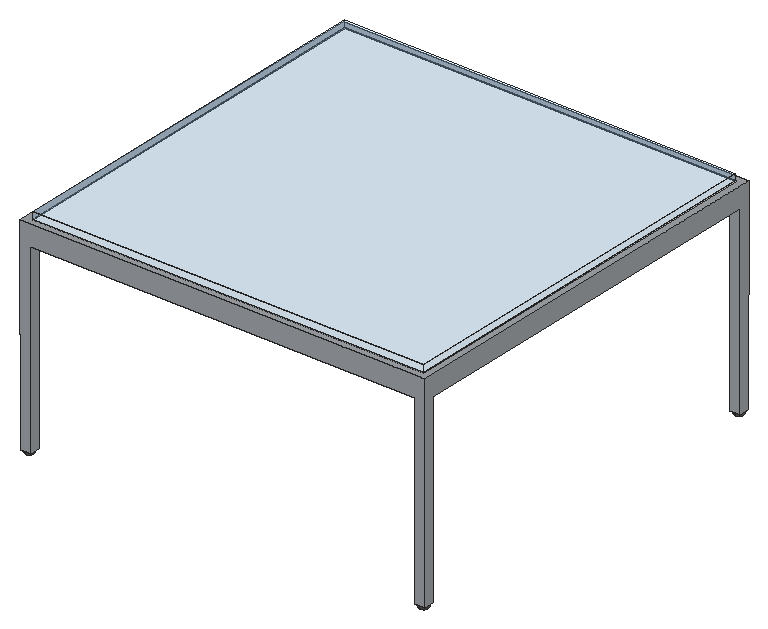
Revit family
Parameters
  URL = "http://www.martinbrattrud.com"
  Table Top Laminate [instance] = none
  Table Top [instance] = none
  SCS Certified Product = "Yes"
  Model = "Braemar 784-30SL"
  Manufacturer = "Martin Brattrud, Inc."
  Leg [instance] = none
  Keynote = "125000"
  Foot [instance] = none
  Copyright = "© 2013 Martin Brattrud, Inc."
  Authoring Version = "Revit Architecture 2010"
  Assembly Code = "E2020200"
Reference planes (in)
  plane 1 "Center Front/Back": y = 0
  plane 2: z = 0
  plane 3 "Center Left/Right": x = 0
Forms (in)
  Extrusion 1, solid, material <- "Table Top"
    sketch origin (0, 0, 0) x (1, 0, 0) y (0, 1, 0)
      loop
        line (-14.5, 14.5) -> (-14.5, -14.5) -> (14.5, -14.5) -> (14.5, 14.5) -> (-14.5, 14.5)
    from 15.5 to 16
  Extrusion 2, solid, material <- "Leg"
    sketch origin (0, 0, 0) x (0, 1, 0) y (0, 0, 1)
      loop
        line (15, 15.5) -> (14.25, 15.5) -> (14.25, 13.975) -> (15, 13.975) -> (15, 15.5)
      loop
        line (-15, 15.5) -> (-15, 13.975) -> (-14.25, 13.975) -> (-14.25, 15.5) -> (-15, 15.5)
    from -14.25 to 14.25
  Revolve 3, solid, material <- "Foot"
    sketch origin (-14.62473, 4.25198, 47.97762) x (0, -1, 0) y (0, 0, -1)
      loop
        line (19.00198, 48) -> (18.8767, 48) -> (18.8767, 47.75) -> (19.2517, 47.75)
        arc (19.2517, 47.75) -> (19.17858, 47.92668) -> (19.00198, 48) r 0.25
      axis (18.8767, 48) -> (18.8767, 47.75)
    angle from 0 to 360
  Extrusion 4, solid, material <- "Leg"
    sketch origin (0, 0, 0) x (0, 1, 0) y (0, 0, 1)
      loop
        line (15, 0.25) -> (15, 15.5) -> (-15, 15.5) -> (-15, 0.25) -> (-14.25, 0.25) -> (-14.25, 13.975) -> (14.25, 13.975) -> (14.25, 0.25) -> (15, 0.25)
    from 14.25 to 15
  Extrusion 5, solid, material <- "Leg"
    sketch origin (0, 0, 0) x (0, 1, 0) y (0, 0, -1)
      loop
        line (15, -0.25) -> (14.25, -0.25) -> (14.25, -13.975) -> (-14.25, -13.975) -> (-14.25, -0.25) -> (-15, -0.25) -> (-15, -15.5) -> (15, -15.5) -> (15, -0.25)
    from 14.25 to 15
  Revolve 6, solid, material <- "Foot"
    sketch origin (14.62473, 4.25198, 47.97762) x (0, -1, 0) y (0, 0, 1)
      loop
        arc (19.00198, -48) -> (19.17858, -47.92668) -> (19.2517, -47.75) r 0.25
        line (19.2517, -47.75) -> (18.8767, -47.75) -> (18.8767, -48) -> (19.00198, -48)
      axis (18.8767, -48) -> (18.8767, -47.75)
    angle from 0 to 360
  Revolve 7, solid, material <- "Foot"
    sketch origin (-14.62473, -4.25198, 47.97762) x (0, 1, 0) y (0, 0, 1)
      loop
        arc (19.00198, -48) -> (19.17858, -47.92668) -> (19.2517, -47.75) r 0.25
        line (19.2517, -47.75) -> (18.8767, -47.75) -> (18.8767, -48) -> (19.00198, -48)
      axis (18.8767, -48) -> (18.8767, -47.75)
    angle from 0 to 360
  Extrusion 8, void
    sketch origin (0, 0, 0) x (1, 0, 0) y (0, 1, 0)
      loop
        line (-14.5, 14.5) -> (-14.5, -14.5) -> (14.5, -14.5) -> (14.5, 14.5) -> (-14.5, 14.5)
    from 15.5 to 15
  Extrusion 9, solid, material <- "Table Top Laminate"
    sketch origin (0, 0, 0) x (1, 0, 0) y (0, 1, 0)
      loop
        line (-14.5, 14.5) -> (-14.5, -14.5) -> (14.5, -14.5) -> (14.5, 14.5) -> (-14.5, 14.5)
    from 15.5 to 15
  Revolve 10, solid, material <- "Foot"
    sketch origin (14.62473, -4.25198, 47.97762) x (0, 1, 0) y (0, 0, -1)
      loop
        line (19.00198, 48) -> (18.8767, 48) -> (18.8767, 47.75) -> (19.2517, 47.75)
        arc (19.2517, 47.75) -> (19.17858, 47.92668) -> (19.00198, 48) r 0.25
      axis (18.8767, 48) -> (18.8767, 47.75)
    angle from 0 to 360
Cuts and joins
  Extrusion 8 cuts Extrusion 2
  Extrusion 8 cuts Extrusion 4
  Extrusion 8 cuts Extrusion 5
  joined: Extrusion 2, Extrusion 4, Extrusion 5
  Extrusion 8 cuts Extrusion 1
